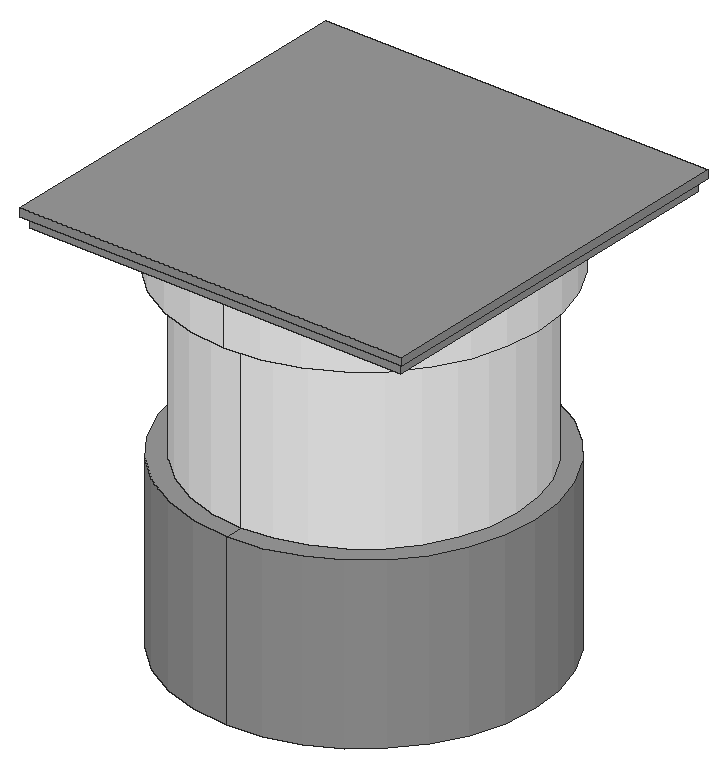
Revit family "HL_RU_Plug-in drain Primus_HL73Pr-A-171212", category Instalační zařizovací předměty, Revit 2021
Family settings
  Kóta kulaté spojky = Použít průměr
  Typ dílu = Normální
  Číslo OmniClass = 23.70.50.21.24.14
  Nadpis OmniClass = Deck Waste Water Drains
  Založené na pracovní rovině = Ne
  Vždy vertikální = Ano
  Ořezat dutým tvarem při načtení = Ne
  Sdílené = Ne
  Bod výpočtu místnosti = Ano
Parameters (values of type "HL_Универсальный трап вертикальный_HL73Pr")
  РЕШЁТКА = "115x115mm/ V2A"
  РАЗМЕР = "DN110"
  ПРОПУСКНАЯ СПОСОБНОСТЬ [instance] = 0.0 m³/h
  ПРОИЗВОДИТЕЛЬНОСТЬ = "0,46 l/s"
  ПРАВОВАЯ ИНФОРМАЦИЯ = "\"Авторские права(©), права на дизайн или какие либо другие права интелектуальной собственности являются исключительной собственностью компании HL Hutterer & Lechner. Изменению не подлежит. Файл семейства с данными о прозводителе изделия защищен паролем с водяным знаком.\""
  ПАДЕНИЕ ДАВЛЕНИЯ [instance] = 0.0 Pa
  НОМИНАЛЬНЫЙ ДИАМЕТР = 110 mm
  НАСАДКА = "121x121mm"
  МАТЕРИАЛ = "PP / Edelstahl V2A"
  МАКСИМАЛЬНАЯ НАГРУЗКА КЛАССА = "K3 - 300 kg"
  ВЕС = "0,457 kg"
  Výrobce = "HL Hutterer & Lechner GmbH"
  Default Elevation = 0 mm
  URL = "http://www.hutterer-lechner.com/ru/products/catalog/roof-drains/HL73Pr.aspx"
  Popis = "Трап для внутренних помещений"
  Model = "HL73Pr"
  Type Comments = "Универсальный трап вертикальный DN110 \nс \"сухим\" сифоном"
  Keynote = "HL73Pr"
  EAN = "9003076032327"
  Cena = 0
Types (2, lengths in mm): name | URL | Popis
  (no name) | "http://www.hutterer-lechner.com/en/products/catalog/roof-drains/HL73Pr.aspx" | "Anti flood valves"
  HL_Универсальный трап вертикальный_HL73Pr | "http://www.hutterer-lechner.com/ru/products/catalog/roof-drains/HL73Pr.aspx" | "Трап для внутренних помещений"
Values of the unnamed type that differ from the named types
  ПРАВОВАЯ ИНФОРМАЦИЯ = "\"Copyright (©), design rights or any other intellectual property rights, shall be the exclusive property of HL Hutterer & Lechner GmbH. Modification is not allowed. Family has been watermarked.\""
  Type Comments = "Plug-in drain Primus, DN110 (not socket)"
Reference planes
  plane 1 "Střed (vpředu/vzadu)": y = 0
  plane 2: z = 0
  plane 3 "Střed (vlevo/vpravo)": x = 0
Forms (mm)
  Extrusion 1, solid, material "Stainless Steel", detail levels fine
    sketch origin (0, 0, 6) x (1, 0, 0) y (0, 1, 0)
      loop
        line (60.5, 60.5) -> (-60.5, 60.5) -> (-60.5, -60.5) -> (60.5, -60.5) -> (60.5, 60.5)
    from 0 to -2.5
  Extrusion 2, solid, material "Stainless Steel", detail levels fine
    sketch origin (0, 0, 3.5) x (0, 1, 0) y (1, 0, 0)
      loop
        line (-58.7, 58.7) -> (-58.7, -58.7) -> (58.7, -58.7) -> (58.7, 58.7) -> (-58.7, 58.7)
    from 0 to 3.5
  Revolve 3, solid, material "Plactic - White", detail levels fine
    sketch origin (0, 0, 6) x (0, 1, 0) y (0, 0, 1)
      loop
        line (55.311, -20.847) -> (55.311, -6) -> (0, -6) -> (0, -74.844) -> (48.542, -74.844) -> (48.542, -20.847) -> (55.311, -20.847)
      axis (0, -74.844) -> (0, -6)
    angle from 0 to 360
  Revolve 4, solid, material "Plactic - Black", detail levels fine
    sketch origin (0, 0, 6) x (0, 1, 0) y (0, 0, 1)
      loop
        line (0, -74.844) -> (0, -128.244) -> (54.343, -128.244) -> (54.343, -74.844) -> (0, -74.844)
      axis (0, -128.244) -> (0, -74.844)
    angle from 0 to 360
Lines and regions (mm)
  model lines, detail levels fine
    curve 1: arc (37.431, 24.454, 6) -> (44.772, -0.184, 6) -> (37.462, -24.831, 6) r 45.109
    curve 2: arc (30.854, -19.841, 6) -> (36.728, 0.159, 6) -> (30.854, 20.159, 6) r 36.986
    curve 3: arc (30.854, 20.159, 6) -> (31.992, 25.599, 6) -> (37.431, 24.454, 6) r 3.928
    curve 4: arc (37.462, -24.831, 6) -> (31.845, -25.4, 6) -> (30.854, -19.841, 6) r 4.152
    curve 5: arc (19.602, -31.094, 6) -> (25.16, -32.084, 6) -> (24.591, -37.702, 6) r 4.152
    curve 6: arc (-20.398, -31.094, 6) -> (-0.398, -36.968, 6) -> (19.602, -31.094, 6) r 36.986
    curve 7: arc (24.591, -37.702, 6) -> (-0.056, -45.012, 6) -> (-24.694, -37.671, 6) r 45.109
    curve 8: arc (-24.694, -37.671, 6) -> (-25.839, -32.232, 6) -> (-20.398, -31.094, 6) r 3.928
    curve 9: arc (-31.334, -19.841, 6) -> (-32.324, -25.4, 6) -> (-37.941, -24.831, 6) r 4.152
    curve 10: arc (-37.941, -24.831, 6) -> (-45.252, -0.184, 6) -> (-37.91, 24.454, 6) r 45.109
    curve 11: arc (-31.334, 20.159, 6) -> (-37.207, 0.159, 6) -> (-31.334, -19.841, 6) r 36.986
    curve 12: arc (-37.91, 24.454, 6) -> (-32.472, 25.599, 6) -> (-31.334, 20.159, 6) r 3.928
    curve 13: arc (-20.398, 31.094, 6) -> (-25.839, 32.232, 6) -> (-24.694, 37.671, 6) r 3.928
    curve 14: arc (-24.694, 37.671, 6) -> (-0.056, 45.012, 6) -> (24.591, 37.702, 6) r 45.109
    curve 15: arc (19.602, 31.094, 6) -> (-0.398, 36.968, 6) -> (-20.398, 31.094, 6) r 36.986
    curve 16: arc (24.591, 37.702, 6) -> (25.16, 32.084, 6) -> (19.602, 31.094, 6) r 4.152
  symbolic lines, style "Symbol", detail levels coarse+medium
    curve 17: line (74.972, 75.097, 0) -> (-75.028, 75.097, 0)
    curve 18: line (-75.028, 75.097, 0) -> (-75.028, -74.903, 0)
    curve 19: line (-75.028, -74.903, 0) -> (74.972, -74.903, 0)
    curve 20: line (74.972, -74.903, 0) -> (74.972, 75.097, 0)
    curve 21: line (74.972, 75.097, 0) -> (145.683, 145.807, 0)
    curve 22: line (-75.028, 75.097, 0) -> (-145.738, 145.807, 0)
    curve 23: line (74.972, -75.097, 0) -> (145.683, -145.807, 0)
    curve 24: line (-75.028, -75.097, 0) -> (-145.738, -145.807, 0)
  model lines, style "Symbol", detail levels coarse+medium
    curve 25: line (58.7, 0, 0) -> (0, 0, -58.7)
    curve 26: line (-58.7, 0, 0) -> (0, 0, -58.7)
    curve 27: line (0, 0, -58.7) -> (0, 0, -122.244)
  model lines, style "InvisibleLines"
    curve 28: line (0, 0, 0) -> (0, 0, 560)
Dimensions and locks
  aligned and locked: level to plane 2
  aligned and locked: plane 2 to curve 28
  aligned and locked: plane 3 "Střed (vlevo/vpravo)" to curve 28
Connectors
  piping at (0, 0, -14.847), diameter 110, driven by "ПАДЕНИЕ ДАВЛЕНИЯ", driven by "НОМИНАЛЬНЫЙ ДИАМЕТР", driven by "ПРОПУСКНАЯ СПОСОБНОСТЬ"
    settings: on Revolve 3, index 2, connector inside diameter 609.6 mm, connector length 0 mm, flow factor 0, pipe flow 0.0 m³/h, pressure drop 0.0 Pa, fitting loss kfactor 0, connector angle 0.00°, fixture units 0, engagement length 0 mm, angle of deflection 0.00°, flow configuration 0, flow direction 0, fitting loss method 4, system type 16, joint type 0, gender type 0, connector reference index -1, connector utility 0, adjustable connector no, is connector primary yes, connector description ""
